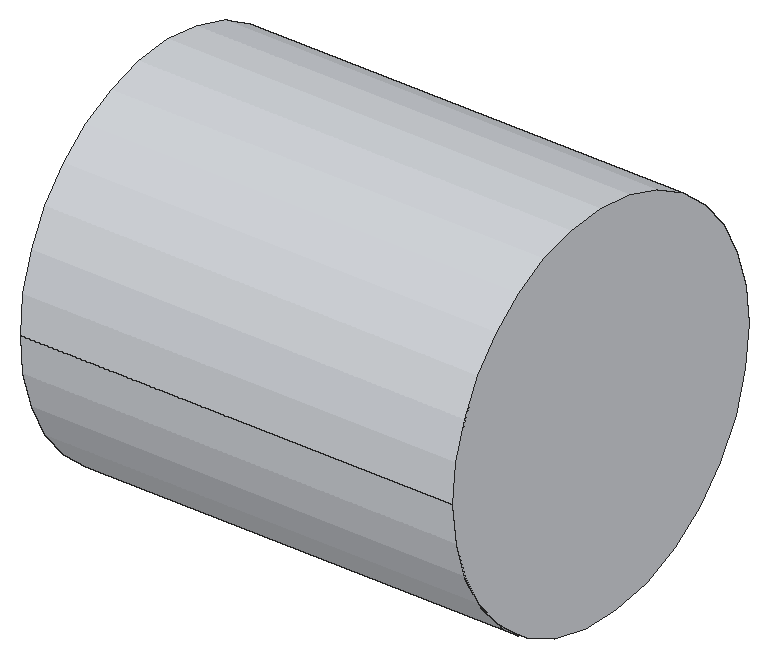
Revit family "M_Cap - Welded - Generic", category Pipe Fittings, Revit 2014
Parameters (values of type "Standard")
  Nominal Radius [instance] = 7.5 mm
  Nominal Diameter [instance] = Nominal Radius * 2  # 15 mm
  Lookup Table Name = "M_Cap - Welded - Generic"
  Height [instance] = size_lookup(Lookup Table Name, "Hgt", 0.28 * Nominal Diameter + 45.442 mm, Nominal Diameter)  # 25 mm
  Fitting Outside Radius [instance] = Fitting Outside Diameter / 2  # 10.65 mm
  Fitting Outside Diameter [instance] = size_lookup(Lookup Table Name, "FOD", Nominal Diameter + 10.418 mm, Nominal Diameter)  # 21.3 mm
Reference planes
  plane 1 "Center (Front/Back)": y = 0
  plane 2: z = 0
  plane 3 "Center (Left/Right)": x = 0
  plane 4: x = 25
  plane 5: y = 10.65
  plane 6: y = -10.65
Forms (mm)
  Extrusion 1, solid, detail levels fine
    sketch origin (0, 0, 0) x (0, 1, 0) y (0, 0, 1)
      loop
        circle (0, 0) r 10.65
    from 0 to 25
Lines and regions (mm)
  model lines, detail levels coarse+medium
    curve 1: line (0, 10.65, 0) -> (25, 10.65, 0)
    curve 2: line (0, -10.65, 0) -> (25, -10.65, 0)
    curve 3: line (25, 10.65, 0) -> (25, -10.65, 0)
Dimensions and locks
  "Height": plane 3 "Center (Left/Right)" to plane 4
  "Fitting Outside Radius": plane 5 to plane 1 "Center (Front/Back)"
  "Fitting Outside Radius": plane 1 "Center (Front/Back)" to plane 6
  "Fitting Outside Radius": radius of Extrusion 1 sketch curve
  aligned and locked: plane 1 "Center (Front/Back)" to Extrusion 1 sketch curve
  aligned and locked: plane 2 to Extrusion 1 sketch curve
  aligned and locked: Extrusion 1 to plane 3 "Center (Left/Right)"
  aligned and locked: plane 4 to Extrusion 1
  aligned and locked: plane 3 "Center (Left/Right)" to curve 1
  aligned and locked: plane 3 "Center (Left/Right)" to curve 2
  aligned and locked: plane 4 to curve 2
  aligned and locked: curve 2 to plane 6
  aligned and locked: curve 1 to plane 5
  aligned and locked: plane 6 to curve 3
  aligned and locked: plane 5 to curve 3
  aligned and locked: curve 3 to plane 4
Connectors
  piping at (0, 0, 0), diameter 15, driven by "Nominal Radius"
    settings: on Extrusion 1, index 1, connector inside diameter 15 mm, connector length 0 mm, flow factor 0, pipe flow 0.0 L/s, pressure drop 0.0 Pa, fitting loss kfactor 0, connector angle 0.00°, fixture units 0, engagement length 0 mm, angle of deflection 0.00°, flow configuration 0, flow direction 0, fitting loss method 0, system type 28, joint type 0, gender type 0, connector reference index -1, connector utility 0, adjustable connector no, is connector primary yes, connector description ""
